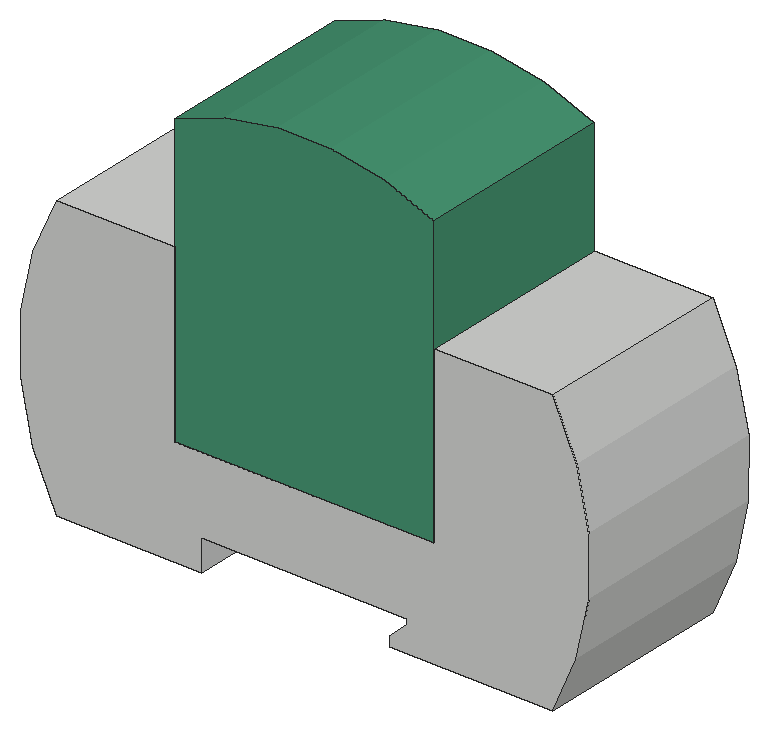
Revit family "Kombiableiter 1-polig", category Generic Models, Revit 2015
Parameters (values of type "MCD 50-B")
  Width 1 = 44.9 mm
  Width = 100 mm
  URL = "http://www.obo-bettermann.com"
  Material 2 = PA6 GF20 FR HF RAL 6029
  Material = PA6 MF15 GRAU
  Manufacturer Art.No. = "5096849"
  Manufacturer = "OBO Bettermann"
  Length = 35 mm
  Height 1 = 49.5 mm
  Height = 74.7 mm
  GTIN = "4012195541158"
  Article Type = "MCD 50-B"
Reference planes
  plane 1 "Center (Front/Back)": y = 0
  plane 2: z = 0
  plane 3 "Center (Left/Right)": x = 0
  plane 4: z = 49.5
  plane 5: x = -50
  plane 6: x = 50
  plane 7: y = 35
  plane 8: z = 74.7
  plane 9: z = 69.58
Forms (mm)
  Extrusion 1, solid, material "PA6 MF15 GRAU" <- "Material"
    sketch origin (0, 0, 0) x (1, 0, 0) y (0, 0, 1)
      loop
        line (-18, 0.011) -> (-18, 5.5) -> (18, 5.5) -> (18, 4.48) -> (15, 1.772) -> (15, -0.016) -> (43.44, -0.016)
        arc (43.44, -0.016) -> (49.992, 24.724) -> (43.5, 49.481) r 50.213
        line (43.5, 49.481) -> (22.7, 49.481) -> (22.7, 19) -> (-22.7, 19) -> (-22.7, 49.513) -> (-43.4, 49.513)
        arc (-43.4, 49.513) -> (-50.021, 24.767) -> (-43.44, 0.011) r 49.702
        line (-43.44, 0.011) -> (-18, 0.011)
    from -35 to 0
  Extrusion 2, solid, material "PA6 GF20 FR HF RAL 6029" <- "Material 2"
    sketch origin (0, 0, 0) x (1, 0, 0) y (0, 0, 1)
      loop
        line (-22.7, 69.58) -> (-22.7, 19) -> (22.7, 19) -> (22.7, 69.58)
        arc (22.7, 69.58) -> (0, 74.7) -> (-22.7, 69.58) r 52.881
    from -35 to 0
Dimensions and locks
  locked: Extrusion 1 sketch curve to level at 5.5
  locked: Extrusion 1 sketch curve to Extrusion 1 sketch curve at 36
  locked: plane 3 "Center (Left/Right)" to Extrusion 1 sketch curve at 18
  locked: Extrusion 1 sketch curve to Extrusion 1 sketch curve at 33
  locked: Extrusion 1 sketch curve to level at 1.772
  locked: Extrusion 1 sketch curve to Extrusion 1 sketch curve at 1.02
  locked: Extrusion 1 sketch curve to Extrusion 1 sketch curve at 86.88
  locked: plane 3 "Center (Left/Right)" to Extrusion 1 sketch curve at 43.44
  "Height 1": plane 4 to level
  locked: Extrusion 1 sketch curve to Extrusion 1 sketch curve at 86.9
  "Width": plane 6 to plane 5
  locked: plane 3 "Center (Left/Right)" to plane 5 at 50
  locked: plane 3 "Center (Left/Right)" to Extrusion 1 sketch curve at 43.4
  locked: Extrusion 1 sketch curve to Extrusion 1 sketch curve at 45.4
  equal spacing: Extrusion 1 sketch curve, plane 3 "Center (Left/Right)", Extrusion 1 sketch curve, locked at 22.7 each
  locked: plane 4 to Extrusion 1 sketch curve at 30.5
  "Length": plane 1 "Center (Front/Back)" to plane 7
  "Height": plane 8 to level
  plane 8 to plane 9 = 5.12 mm
  radius of Extrusion 2 sketch curve = 52.881 mm
  radius of Extrusion 1 sketch curve = 49.702 mm
  radius of Extrusion 1 sketch curve = 50.213 mm
  aligned and locked: level to plane 2
  aligned and locked: plane 7 to Extrusion 1
  aligned and locked: plane 1 "Center (Front/Back)" to Extrusion 1
  aligned and locked: Extrusion 2 sketch curve to Extrusion 1  (x3)
  aligned and locked: plane 9 to Extrusion 2 sketch curve  (x2)
  aligned and locked: Extrusion 1 to Extrusion 2
  aligned and locked: plane 1 "Center (Front/Back)" to Extrusion 2
Automatic sketch dimensions
  plane 4 to Extrusion 1 sketch curve = 0.013 mm
  Extrusion 1 sketch curve to Extrusion 1 sketch curve = 0.099 mm
  Extrusion 1 sketch curve to level = 0.016 mm
  Extrusion 1 sketch curve to plane 4 = 0.019 mm
